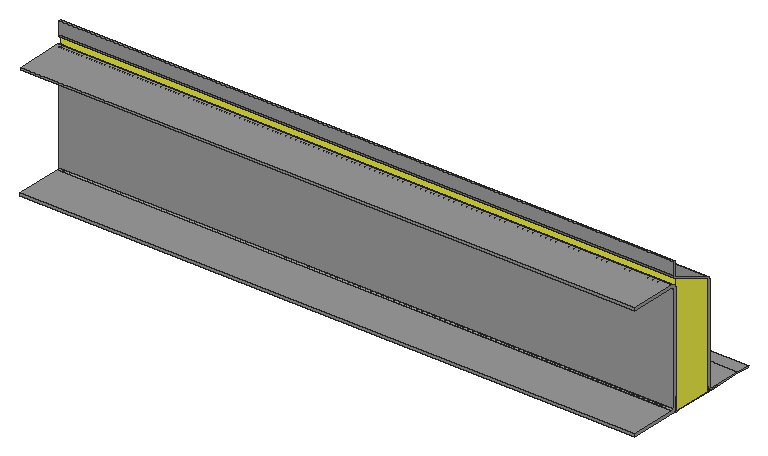
Revit family "TJ K 90", category Generic Models, Revit 2014
Parameters (values of type "Max lintel length 3000mm")
  URL = "http://www.keystonelintels.co.uk"
  Structural Opening [instance] = 900 mm
  Structural Performance = "The Keystone lintel range has safe working loads as detailed in each applicable loading table in the Keystone Lintel Guide brochure. The structural performance figures within each table have been ascertained by testing in accordance with the requirements of standards BS EN 5977-2: 1983 and BS EN 845-2: 2003."
  RIBA Productor Selector = "available for Keystone Lintels Ltd from Keystone Lintels Ltd from ribaproductselector.com"
  Model = "TJ/K 90"
  Min Length = 600 mm
  Min Clear Span = 300 mm
  Max Length = 3000 mm
  Max Clear Span = 3000 mm
  Material - Stainless Steel = "Grade 304 2b 1.4307 to BS EN 10088-2. Other grades available on request: contact manufacturer."
  Material - Galvanised Steel = "To BS EN 10346: 2009. DX51D plus Z600 or grade Z275 to BS 5977-2: 1983 (BS EN 845-2: 2003)."
  Manufacturer = "Keystone"
  Manufactured Length [instance] = (roundup(Effective Length / 150 mm) * 150 mm)  # 1200 mm
  Lintel height [instance] = 2100 mm
  Keynote = "F30/755"
  Fire Performance = "Keystone lintels have been subjected to a fire test (WARRES No. 101263) in accordance with BS 476-20: 1987, at Exova Warrington Fire and achieved a one hour fire performance."
  End Bearing = 150 mm
  Effective Length [instance] = Clear Opening with MIN MAX set + End Bearing * 2  # 1200 mm
  Corrosion = "Keystone’s standard range of lintels are manufactured from high quality grade pre-galvanized carbon steel with a zinc coating of 600"
  Contact Tel = "+44 (0)28 8676 2184"
  Contact Email = "info@keystonelintels.co.uk"
  Clear Opening with MIN MAX set [instance] = if(Structural Opening < Min Clear Span, Min Clear Span, (if(Structural Opening > Max Clear Span, Max Clear Span, Structural Opening)))  # 900 mm
  CPD Information = "Available for Keystone Lintels Ltd from ribacpd.com"
Reference planes
  plane 1 "Center (Front/Back)": y = 0
  plane 2: z = 0
  plane 3 "Center (Left/Right)": x = 0
  plane 4: x = -600
  plane 5: x = 600
  plane 6: z = 2100
  plane 7: x = -450
  plane 8: x = 450
Forms (mm)
  Extrusion 1, solid, material "Steel"
    sketch origin (0, 676.235, -478.249) x (0, 1, 0) y (0, 0, 1)
      loop
        line (-855.995, 2578.249) -> (-763.895, 2578.249)
        arc (-763.895, 2578.249) -> (-758.309, 2580.563) -> (-755.995, 2586.149) r 7.9
        line (-755.995, 2586.149) -> (-755.995, 2795.349)
        arc (-755.995, 2795.349) -> (-758.309, 2800.935) -> (-763.895, 2803.249) r 7.9
        line (-763.895, 2803.249) -> (-855.995, 2803.249) -> (-855.995, 2798.249) -> (-763.895, 2798.249)
        arc (-763.895, 2798.249) -> (-761.844, 2797.4) -> (-760.995, 2795.349) r 2.9
        line (-760.995, 2795.349) -> (-760.995, 2586.149)
        arc (-760.995, 2586.149) -> (-761.844, 2584.098) -> (-763.895, 2583.249) r 2.9
        line (-763.895, 2583.249) -> (-855.995, 2583.249) -> (-855.995, 2578.249)
    from -600 to 600
  Extrusion 2, solid, material "Steel"
    sketch origin (0, 676.235, -478.249) x (0, 1, 0) y (0, 0, 1)
      loop
        line (-654.204, 2577.249) -> (-654.204, 2578.249) -> (-676.204, 2578.249) -> (-676.204, 2586.249) -> (-677.204, 2586.249) -> (-677.204, 2578.249) -> (-751.995, 2578.249)
        arc (-751.995, 2578.249) -> (-754.116, 2579.128) -> (-754.995, 2581.249) r 3
        line (-754.995, 2581.249) -> (-754.995, 2586.149) -> (-754.995, 2607.179) -> (-755.995, 2607.179) -> (-755.995, 2586.149) -> (-755.995, 2581.249)
        arc (-755.995, 2581.249) -> (-754.823, 2578.42) -> (-751.995, 2577.249) r 4
        line (-751.995, 2577.249) -> (-654.204, 2577.249)
    from -600 to 600
  Extrusion 3, solid, material "Steel"
    sketch origin (0, 676.178, -478.223) x (0, 1, 0) y (0, 0, 1)
      loop
        line (-578.088, 2577.365) -> (-577.978, 2580.563) -> (-602.978, 2581.423) -> (-667.978, 2581.423)
        arc (-667.978, 2581.423) -> (-671.513, 2582.888) -> (-672.978, 2586.423) r 5
        line (-672.978, 2586.423) -> (-672.978, 2774.081)
        arc (-672.978, 2774.081) -> (-673.792, 2776.875) -> (-675.98, 2778.794) r 5.2
        line (-675.98, 2778.794) -> (-756.623, 2816.403)
        arc (-756.623, 2816.403) -> (-757.464, 2817.142) -> (-757.778, 2818.216) r 2
        line (-757.778, 2818.216) -> (-757.778, 2843.233) -> (-760.978, 2843.233) -> (-760.978, 2818.216)
        arc (-760.978, 2818.216) -> (-760.163, 2815.422) -> (-757.975, 2813.503) r 5.2
        line (-757.975, 2813.503) -> (-677.332, 2775.894)
        arc (-677.332, 2775.894) -> (-676.491, 2775.156) -> (-676.178, 2774.081) r 2
        line (-676.178, 2774.081) -> (-676.178, 2586.423)
        arc (-676.178, 2586.423) -> (-673.776, 2580.625) -> (-667.978, 2578.223) r 8.2
        line (-667.978, 2578.223) -> (-603.033, 2578.223) -> (-578.088, 2577.365)
    from -600 to 600
  Extrusion 4, solid, not visible
    sketch origin (0, 931.814, 1248.318) x (0, 1, 0) y (0, 0, 1)
      loop
        line (-578.088, 977.365) -> (-577.978, 980.563) -> (-602.978, 981.423) -> (-667.978, 981.423)
        arc (-667.978, 981.423) -> (-671.513, 982.888) -> (-672.978, 986.423) r 5
        line (-672.978, 986.423) -> (-672.978, 1174.081)
        arc (-672.978, 1174.081) -> (-673.792, 1176.875) -> (-675.98, 1178.794) r 5.2
        line (-675.98, 1178.794) -> (-756.623, 1216.403)
        arc (-756.623, 1216.403) -> (-757.464, 1217.142) -> (-757.778, 1218.216) r 2
        line (-757.778, 1218.216) -> (-757.778, 1243.233) -> (-760.978, 1243.233) -> (-760.978, 1218.216)
        arc (-760.978, 1218.216) -> (-760.163, 1215.422) -> (-757.975, 1213.503) r 5.2
        line (-757.975, 1213.503) -> (-677.332, 1175.894)
        arc (-677.332, 1175.894) -> (-676.491, 1175.156) -> (-676.178, 1174.081) r 2
        line (-676.178, 1174.081) -> (-676.178, 986.423)
        arc (-676.178, 986.423) -> (-673.776, 980.625) -> (-667.978, 978.223) r 8.2
        line (-667.978, 978.223) -> (-603.033, 978.223) -> (-578.088, 977.365)
    from 0 to 250
  Extrusion 5, solid, not visible
    sketch origin (0, 690.962, 1379.505) x (0, 1, 0) y (0, 0, 1)
      loop
        line (-855.995, 978.249) -> (-763.895, 978.249)
        arc (-763.895, 978.249) -> (-758.309, 980.563) -> (-755.995, 986.149) r 7.9
        line (-755.995, 986.149) -> (-755.995, 1195.349)
        arc (-755.995, 1195.349) -> (-758.309, 1200.935) -> (-763.895, 1203.249) r 7.9
        line (-763.895, 1203.249) -> (-855.995, 1203.249) -> (-855.995, 1198.249) -> (-763.895, 1198.249)
        arc (-763.895, 1198.249) -> (-761.844, 1197.4) -> (-760.995, 1195.349) r 2.9
        line (-760.995, 1195.349) -> (-760.995, 986.149)
        arc (-760.995, 986.149) -> (-761.844, 984.098) -> (-763.895, 983.249) r 2.9
        line (-763.895, 983.249) -> (-855.995, 983.249) -> (-855.995, 978.249)
    from 0 to 250
  Extrusion 6, solid, not visible
    sketch origin (0, 907.829, 1016.936) x (0, 1, 0) y (0, 0, 1)
      loop
        line (-654.204, 977.249) -> (-654.204, 978.249) -> (-676.204, 978.249) -> (-676.204, 986.249) -> (-677.204, 986.249) -> (-677.204, 978.249) -> (-751.995, 978.249)
        arc (-751.995, 978.249) -> (-754.116, 979.128) -> (-754.995, 981.249) r 3
        line (-754.995, 981.249) -> (-754.995, 986.149) -> (-754.995, 1007.179) -> (-755.995, 1007.179) -> (-755.995, 986.149) -> (-755.995, 981.249)
        arc (-755.995, 981.249) -> (-754.823, 978.42) -> (-751.995, 977.249) r 4
        line (-751.995, 977.249) -> (-654.204, 977.249)
    from 0 to 250
  Extrusion 7, solid, not visible
    sketch origin (0, 588, 849.908) x (0, 1, 0) y (0, 0, 1)
      loop
        arc (-668.625, 978.249) -> (-674.001, 980.859) -> (-676.178, 986.423) r 8.2
        line (-676.178, 986.423) -> (-676.178, 1174.081)
        arc (-676.178, 1174.081) -> (-676.491, 1175.156) -> (-677.332, 1175.894) r 2
        line (-677.332, 1175.894) -> (-755.995, 1212.58) -> (-755.995, 1007.179) -> (-754.995, 1007.179) -> (-754.995, 986.149) -> (-754.995, 981.249)
        arc (-754.995, 981.249) -> (-754.116, 979.128) -> (-751.995, 978.249) r 3
        line (-751.995, 978.249) -> (-677.204, 978.249) -> (-677.204, 986.249) -> (-676.204, 986.249) -> (-676.204, 978.249) -> (-668.625, 978.249)
    from 0 to 250
  Extrusion 8, solid, material "Insulation"
    sketch origin (0, 676.235, -478.249) x (0, 1, 0) y (0, 0, 1)
      loop
        arc (-668.625, 2578.249) -> (-674.001, 2580.859) -> (-676.178, 2586.423) r 8.2
        line (-676.178, 2586.423) -> (-676.178, 2774.081)
        arc (-676.178, 2774.081) -> (-676.491, 2775.156) -> (-677.332, 2775.894) r 2
        line (-677.332, 2775.894) -> (-755.995, 2812.58) -> (-755.995, 2607.179) -> (-754.995, 2607.179) -> (-754.995, 2586.149) -> (-754.995, 2581.249)
        arc (-754.995, 2581.249) -> (-754.116, 2579.128) -> (-751.995, 2578.249) r 3
        line (-751.995, 2578.249) -> (-677.204, 2578.249) -> (-677.204, 2586.249) -> (-676.204, 2586.249) -> (-676.204, 2578.249) -> (-668.625, 2578.249)
    from -600 to 600
  Extrusion 9, solid, not visible
    sketch origin (0, 533.581, 968.351) x (0, 1, 0) y (0, 0, 1)
      loop
        arc (-668.625, 978.249) -> (-674.001, 980.859) -> (-676.178, 986.423) r 8.2
        line (-676.178, 986.423) -> (-676.178, 1174.081)
        arc (-676.178, 1174.081) -> (-676.491, 1175.156) -> (-677.332, 1175.894) r 2
        line (-677.332, 1175.894) -> (-755.995, 1212.58) -> (-755.995, 1007.179) -> (-754.995, 1007.179) -> (-754.995, 986.149) -> (-754.995, 981.249)
        arc (-754.995, 981.249) -> (-754.116, 979.128) -> (-751.995, 978.249) r 3
        line (-751.995, 978.249) -> (-677.204, 978.249) -> (-677.204, 986.249) -> (-676.204, 986.249) -> (-676.204, 978.249) -> (-668.625, 978.249)
    from 0 to 250
Dimensions and locks
  equal spacing: plane 4, plane 3 "Center (Left/Right)", plane 5
  "Manufactured Length": plane 4 to plane 5
  "Lintel height": plane 6 to level
  "Structural Opening": plane 7 to plane 8
  equal spacing: plane 7, plane 3 "Center (Left/Right)", plane 8
  aligned and locked: level to plane 2
  aligned and locked: Extrusion 3 to plane 6
  aligned and locked: Extrusion 8 to plane 6
  aligned and locked: plane 6 to Extrusion 2
  aligned and locked: Extrusion 1 to plane 6
  aligned and locked: plane 5 to Extrusion 1
  aligned and locked: Extrusion 1 to plane 4
  aligned and locked: plane 5 to Extrusion 3
  aligned and locked: Extrusion 3 to plane 4
  aligned and locked: plane 5 to Extrusion 8
  aligned and locked: Extrusion 8 to plane 4
  aligned and locked: plane 5 to Extrusion 2
  aligned and locked: Extrusion 2 to plane 4
Automatic sketch dimensions
  Extrusion 1 sketch curve to Extrusion 1 sketch curve = 92.1 mm  (x2)
  Extrusion 1 sketch curve to Extrusion 1 sketch curve = 5 mm
  Extrusion 1 sketch curve to Extrusion 1 sketch curve = 2.9 mm  (x2)
  Extrusion 1 sketch curve to Extrusion 1 sketch curve = 0 mm  (x8)
  Extrusion 1 sketch curve to Extrusion 1 sketch curve = 209.2 mm
  Extrusion 2 sketch curve to Extrusion 2 sketch curve = 97.791 mm
  Extrusion 2 sketch curve to Extrusion 2 sketch curve = 1 mm  (x2)
  Extrusion 2 sketch curve to Extrusion 2 sketch curve = 22 mm
  Extrusion 2 sketch curve to Extrusion 2 sketch curve = 8 mm
  Extrusion 2 sketch curve to Extrusion 2 sketch curve = 0 mm  (x6)
  Extrusion 2 sketch curve to Extrusion 2 sketch curve = 3 mm
  Extrusion 2 sketch curve to Extrusion 2 sketch curve = 4.9 mm
  Extrusion 2 sketch curve to Extrusion 2 sketch curve = 21.03 mm
  Extrusion 3 sketch curve to Extrusion 3 sketch curve = 64.945 mm
  Extrusion 3 sketch curve to Extrusion 3 sketch curve = 24.945 mm
  Extrusion 3 sketch curve to Extrusion 3 sketch curve = 0.858 mm
  Extrusion 3 sketch curve to Extrusion 3 sketch curve = 0.11 mm
  Extrusion 3 sketch curve to Extrusion 3 sketch curve = 0.055 mm
  Extrusion 3 sketch curve to Extrusion 3 sketch curve = 5 mm
  Extrusion 3 sketch curve to Extrusion 3 sketch curve = 187.658 mm
  Extrusion 3 sketch curve to Extrusion 3 sketch curve = 0 mm  (x12)
  Extrusion 3 sketch curve to Extrusion 3 sketch curve = 2 mm
  Extrusion 3 sketch curve to Extrusion 3 sketch curve = 0.845 mm  (x2)
  Extrusion 3 sketch curve to Extrusion 3 sketch curve = 80.643 mm
  Extrusion 3 sketch curve to Extrusion 3 sketch curve = 37.61 mm
  Extrusion 3 sketch curve to Extrusion 3 sketch curve = 1.353 mm  (x2)
  Extrusion 3 sketch curve to Extrusion 3 sketch curve = 2.9 mm
  Extrusion 3 sketch curve to Extrusion 3 sketch curve = 1.813 mm
  Extrusion 3 sketch curve to Extrusion 3 sketch curve = 25.017 mm
  Extrusion 4 sketch curve to Extrusion 4 sketch curve = 64.945 mm
  Extrusion 4 sketch curve to Extrusion 4 sketch curve = 24.945 mm
  Extrusion 4 sketch curve to Extrusion 4 sketch curve = 0.858 mm
  Extrusion 4 sketch curve to Extrusion 4 sketch curve = 0.11 mm
  Extrusion 4 sketch curve to Extrusion 4 sketch curve = 0.055 mm
  Extrusion 4 sketch curve to Extrusion 4 sketch curve = 0 mm  (x12)
  Extrusion 4 sketch curve to Extrusion 4 sketch curve = 5 mm
  Extrusion 4 sketch curve to Extrusion 4 sketch curve = 187.658 mm
  Extrusion 4 sketch curve to Extrusion 4 sketch curve = 2 mm
  Extrusion 4 sketch curve to Extrusion 4 sketch curve = 0.845 mm  (x2)
  Extrusion 4 sketch curve to Extrusion 4 sketch curve = 80.643 mm
  Extrusion 4 sketch curve to Extrusion 4 sketch curve = 37.61 mm
  Extrusion 4 sketch curve to Extrusion 4 sketch curve = 1.353 mm  (x2)
  Extrusion 4 sketch curve to Extrusion 4 sketch curve = 2.9 mm
  Extrusion 4 sketch curve to Extrusion 4 sketch curve = 1.813 mm
  Extrusion 4 sketch curve to Extrusion 4 sketch curve = 25.017 mm
  Extrusion 5 sketch curve to Extrusion 5 sketch curve = 92.1 mm  (x2)
  Extrusion 5 sketch curve to Extrusion 5 sketch curve = 5 mm
  Extrusion 5 sketch curve to Extrusion 5 sketch curve = 2.9 mm  (x2)
  Extrusion 5 sketch curve to Extrusion 5 sketch curve = 0 mm  (x8)
  Extrusion 5 sketch curve to Extrusion 5 sketch curve = 209.2 mm
  Extrusion 6 sketch curve to Extrusion 6 sketch curve = 97.791 mm
  Extrusion 6 sketch curve to Extrusion 6 sketch curve = 1 mm  (x2)
  Extrusion 6 sketch curve to Extrusion 6 sketch curve = 22 mm
  Extrusion 6 sketch curve to Extrusion 6 sketch curve = 8 mm
  Extrusion 6 sketch curve to Extrusion 6 sketch curve = 0 mm  (x6)
  Extrusion 6 sketch curve to Extrusion 6 sketch curve = 3 mm
  Extrusion 6 sketch curve to Extrusion 6 sketch curve = 4.9 mm
  Extrusion 6 sketch curve to Extrusion 6 sketch curve = 21.03 mm
  Extrusion 7 sketch curve to Extrusion 7 sketch curve = 8.174 mm
  Extrusion 7 sketch curve to Extrusion 7 sketch curve = 0.026 mm
  Extrusion 7 sketch curve to Extrusion 7 sketch curve = 0.174 mm
  Extrusion 7 sketch curve to Extrusion 7 sketch curve = 1 mm  (x2)
  Extrusion 7 sketch curve to Extrusion 7 sketch curve = 0 mm
  Extrusion 7 sketch curve to Extrusion 7 sketch curve = 187.658 mm
  Extrusion 7 sketch curve to Extrusion 7 sketch curve = 74.791 mm
  Extrusion 7 sketch curve to Extrusion 7 sketch curve = 3 mm
  Extrusion 7 sketch curve to Extrusion 7 sketch curve = 4.9 mm
  Extrusion 7 sketch curve to Extrusion 7 sketch curve = 21.03 mm
  Extrusion 7 sketch curve to Extrusion 7 sketch curve = 38.498 mm
  Extrusion 7 sketch curve to Extrusion 7 sketch curve = 2 mm
  Extrusion 7 sketch curve to Extrusion 7 sketch curve = 0.845 mm
  Extrusion 7 sketch curve to Extrusion 7 sketch curve = 7.579 mm
  Extrusion 8 sketch curve to Extrusion 8 sketch curve = 8.174 mm
  Extrusion 8 sketch curve to Extrusion 8 sketch curve = 0.026 mm
  Extrusion 8 sketch curve to Extrusion 8 sketch curve = 0.174 mm
  Extrusion 8 sketch curve to Extrusion 8 sketch curve = 1 mm  (x2)
  Extrusion 8 sketch curve to Extrusion 8 sketch curve = 187.658 mm
  Extrusion 8 sketch curve to Extrusion 8 sketch curve = 0 mm
  Extrusion 8 sketch curve to Extrusion 8 sketch curve = 74.791 mm
  Extrusion 8 sketch curve to Extrusion 8 sketch curve = 3 mm
  Extrusion 8 sketch curve to Extrusion 8 sketch curve = 4.9 mm
  Extrusion 8 sketch curve to Extrusion 8 sketch curve = 21.03 mm
  Extrusion 8 sketch curve to Extrusion 8 sketch curve = 38.498 mm
  Extrusion 8 sketch curve to Extrusion 8 sketch curve = 2 mm
  Extrusion 8 sketch curve to Extrusion 8 sketch curve = 0.845 mm
  Extrusion 8 sketch curve to Extrusion 8 sketch curve = 7.579 mm
  Extrusion 9 sketch curve to Extrusion 9 sketch curve = 8.174 mm
  Extrusion 9 sketch curve to Extrusion 9 sketch curve = 0.026 mm
  Extrusion 9 sketch curve to Extrusion 9 sketch curve = 0.174 mm
  Extrusion 9 sketch curve to Extrusion 9 sketch curve = 1 mm  (x2)
  Extrusion 9 sketch curve to Extrusion 9 sketch curve = 187.658 mm
  Extrusion 9 sketch curve to Extrusion 9 sketch curve = 0 mm
  Extrusion 9 sketch curve to Extrusion 9 sketch curve = 74.791 mm
  Extrusion 9 sketch curve to Extrusion 9 sketch curve = 3 mm
  Extrusion 9 sketch curve to Extrusion 9 sketch curve = 4.9 mm
  Extrusion 9 sketch curve to Extrusion 9 sketch curve = 21.03 mm
  Extrusion 9 sketch curve to Extrusion 9 sketch curve = 38.498 mm
  Extrusion 9 sketch curve to Extrusion 9 sketch curve = 2 mm
  Extrusion 9 sketch curve to Extrusion 9 sketch curve = 0.845 mm
  Extrusion 9 sketch curve to Extrusion 9 sketch curve = 7.579 mm
  Extrusion 8 sketch curve to plane 6 = 0 mm
  plane 1 "Center (Front/Back)" to Extrusion 8 sketch curve = 79.76 mm
  Extrusion 1 sketch curve to plane 6 = 0 mm
  plane 1 "Center (Front/Back)" to Extrusion 1 sketch curve = 179.76 mm
  Extrusion 2 sketch curve to plane 6 = 0 mm
  plane 1 "Center (Front/Back)" to Extrusion 2 sketch curve = 79.76 mm
  Extrusion 3 sketch curve to plane 1 "Center (Front/Back)" = 0 mm
  Extrusion 3 sketch curve to plane 6 = 0 mm
